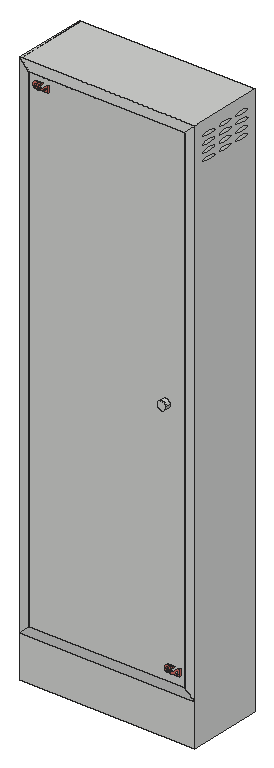
Revit family "120909-00123 Шкаф ШРП-В1800, без плинтов ССД", category Обобщенные модели, Revit 2019
Family settings
  Может служить основой для арматурных стержней = Нет
  Размер круглого соединителя = Использовать диаметр
  Тип детали = Нормальный
  На основе рабочей плоскости = Нет
  Всегда вертикально = Да
  При загрузке вырезать с полостями = Нет
  Общий = Нет
  Точка расчета площади = Нет
Parameters (values of type "ШРП-В/1800 (пустой)")
  Толщина 5 = 5 mm  # constant formula
  Толщина 4 = 4 mm  # constant formula
  Толщина 25 = 25 mm  # constant formula
  Толщина -4 = -4 mm  # constant formula
  Смещение от уровня [instance] = 300 mm
  Описание = "Шкаф ШРП-В/1800, без плинтов ССД"
  Ноль = 0 mm  # constant formula
  Материал букв = Металл красный
  Материал Каркаса = RAL 7035
  ADSK_Этаж [instance] = ""
  ADSK_Размер_Ширина = 700 mm
  ADSK_Размер_Глубина = 300 mm
  ADSK_Размер_Высота = 2240 mm
  ADSK_Примечание [instance] = ""
  ADSK_Предел огнестойкости = ""
  ADSK_Позиция [instance] = ""
  ADSK_Обозначение = ""
  ADSK_Наименование краткое = "Шкаф ШРП-В/1800, без плинтов ССД"
  ADSK_Наименование = "ШРП-В/1800 (пустой)"
  ADSK_Масса_Текст = "98"
  ADSK_Марка [instance] = ""
  ADSK_Количество [instance] = 1  # constant formula
  ADSK_Код изделия = "120909-00123"
  ADSK_Зона = ""
  ADSK_Завод-изготовитель = "АО СВЯЗЬСТРОЙДЕТАЛЬ"  # constant formula
  ADSK_Единица измерения = "шт"  # constant formula
  ADSK_URL страницы изделия = "https://www.ssd.ru/shkaf-shrp-v-1800-bez-plintov"
  ADSK_URL документации изделия = "shr_decl_2017.pdf (ssd.ru)"
Reference planes
  plane 1 "тттт": y = 0
  plane 2: z = 0
  plane 3 "УУУУ": x = 0
  plane 4 "Т1": y = 150
  plane 5 "Т2": y = -150
  plane 6 "П2": x = -350
  plane 7 "П1": x = 350
  plane 8 "Е1": z = 300
  plane 9 "Е2": z = 2540
  plane 10: z = 468
  plane 11: z = 505
  plane 12: z = 2503
  plane 13: x = -313
  plane 14: x = 313
  plane 15: x = 238
  plane 16: z = 1504
  plane 17: z = 2482
  plane 18: z = 2452
  plane 19: z = 2422
  plane 20: z = 2392
  plane 21: y = -83
  plane 22: y = 83
  plane 23: x = -290
  plane 24: x = 298
  plane 25: z = 543
Forms (mm)
  Extrusion 1, void, not visible, detail levels fine
    sketch origin (-20, 0, 0) x (1, 0, 0) y (0, 0, 1)
      loop
        arc (-281.999, 290) -> (-261.999, 270) -> (-241.999, 290) r 20
        line (-241.999, 290) -> (-241.999, 370)
        arc (-241.999, 370) -> (-261.999, 390) -> (-281.999, 370) r 20
        line (-281.999, 370) -> (-281.999, 290)
    from 90 to 190
  Extrusion 2, void, not visible
    sketch origin (-20, 0, 225) x (1, 0, 0) y (0, 0, 1)
      loop
        circle (-261.999, 215) r 6.5
    from 90 to 190
  Extrusion 3, void, not visible, detail levels fine
    sketch origin (20, 0, 0) x (-1, 0, 0) y (0, 0, -1)
      loop
        line (-281.999, -290) -> (-281.999, -370)
        arc (-281.999, -370) -> (-261.999, -390) -> (-241.999, -370) r 20
        line (-241.999, -370) -> (-241.999, -290)
        arc (-241.999, -290) -> (-261.999, -270) -> (-281.999, -290) r 20
    from 90 to 190
  Extrusion 4, void, not visible
    sketch origin (20, 0, 225) x (-1, 0, 0) y (0, 0, -1)
      loop
        circle (-261.999, -215) r 6.5
    from 90 to 190
  Extrusion 5, void, not visible
    sketch origin (0, 0, 220) x (0, 1, 0) y (0, 0, 1)
      loop
        circle (-102, 220) r 3.036
      loop
        circle (-172.959, 220) r 3.036
      loop
        circle (-122, 237) r 3.036
      loop
        circle (-157.959, 237) r 3.036
      loop
        circle (-121.964, 203) r 3.036
      loop
        circle (-158.036, 203) r 3.036
      loop
        arc (-162.48, 75) -> (-137.48, 50) -> (-112.48, 75) r 25
        line (-112.48, 75) -> (-112.48, 145)
        arc (-112.48, 145) -> (-137.48, 170) -> (-162.48, 145) r 25
        line (-162.48, 145) -> (-162.48, 75)
    from -312 to 312
  Extrusion 6, solid, material "RAL 7035" <- "Материал Каркаса", detail levels medium+fine
    sketch origin (0, 150, 0) x (1, 0, 0) y (0, 0, 1)
      loop
        line (-350, 2540) -> (-350, 300) -> (350, 300) -> (350, 2540) -> (-350, 2540)
    from 0 to 4 <- "Толщина 4"
  Extrusion 7, solid, material "RAL 7035" <- "Материал Каркаса", detail levels medium+fine
    sketch origin (0, -150, 0) x (1, 0, 0) y (0, 0, 1)
      loop
        line (-350, 2540) -> (-350, 300) -> (350, 300) -> (350, 2540) -> (-350, 2540)
      loop
        line (-313, 2503) -> (-313, 505) -> (313, 505) -> (313, 2503) -> (-313, 2503)
    from -4 <- "Толщина -4" to 0
  Extrusion 8, solid, material "RAL 7035" <- "Материал Каркаса", detail levels medium+fine
    sketch origin (-350, 0, 0) x (0, 1, 0) y (0, 0, 1)
      loop
        line (-150, 2540) -> (-150, 300) -> (150, 300) -> (150, 2540) -> (-150, 2540)
    from 0 to 4 <- "Толщина 4"
  Extrusion 9, solid, material "RAL 7035" <- "Материал Каркаса", detail levels medium+fine
    sketch origin (350, 0, 0) x (0, 1, 0) y (0, 0, 1)
      loop
        line (-150, 2540) -> (-150, 300) -> (150, 300) -> (150, 2540) -> (-150, 2540)
    from -4 <- "Толщина -4" to 0
  Extrusion 10, solid, material "RAL 7035" <- "Материал Каркаса", detail levels medium+fine
    sketch origin (0, 0, 300) x (0, -1, 0) y (1, 0, 0)
      loop
        line (-150, -350) -> (150, -350) -> (150, 350) -> (-150, 350) -> (-150, -350)
    from 0 to 4 <- "Толщина 4"
  Extrusion 11, solid, material "RAL 7035" <- "Материал Каркаса", detail levels medium+fine
    sketch origin (0, 0, 2540) x (0, -1, 0) y (1, 0, 0)
      loop
        line (-150, -350) -> (150, -350) -> (150, 350) -> (-150, 350) -> (-150, -350)
    from 0 to -4 <- "Толщина -4"
  Extrusion 12, solid, material "RAL 7035" <- "Материал Каркаса", detail levels medium+fine
    sketch origin (0, -150, 0) x (1, 0, 0) y (0, 0, 1)
      loop
        line (-313, 2503) -> (-313, 505) -> (313, 505) -> (313, 2503) -> (-313, 2503)
    from 0 to 5 <- "Толщина 5"
  Extrusion 13, solid, material "RAL 7035" <- "Материал Каркаса", detail levels medium+fine
    sketch origin (0, -150, 0) x (1, 0, 0) y (0, 0, 1)
      loop
        circle (238, 1504) r 17
    from 0 to 25 <- "Толщина 25"
  Sweep 14, solid, material "RAL 7035" <- "Материал Каркаса", detail levels medium+fine
    path origin (0, -150, 0) x (1, 0, 0) y (0, 0, 1)
      loop
        line (313, 2503) -> (-313, 2503) -> (-313, 505) -> (313, 505) -> (313, 2503)
    profile origin (0, -150, 2503) x (0, 0, -1) y (0, -1, 0)
      loop
        line (-37, 0) -> (0, 0) -> (0, 5) -> (-37, 0)
  Extrusion 15, solid, material "RAL 7035" <- "Материал Каркаса", detail levels coarse
    sketch origin (0, 0, 0) x (1, 0, 0) y (0, 1, 0)
      loop
        line (-350, 150) -> (-350, -150) -> (350, -150) -> (350, 150) -> (-350, 150)
    from 300 to 2540
Cuts and joins
  joined: Extrusion 6, Extrusion 7, Extrusion 8, Extrusion 9, Extrusion 10, Extrusion 11, Sweep 14
  joined: Extrusion 12, Extrusion 13
Dimensions and locks
  equal spacing: plane 5 "Т2", plane 1 "тттт", plane 4 "Т1"
  equal spacing: plane 6 "П2", plane 3 "УУУУ", plane 7 "П1"
  "ADSK_Размер_Ширина": plane 6 "П2" to plane 7 "П1"
  "ADSK_Размер_Глубина": plane 5 "Т2" to plane 4 "Т1"
  "Смещение от уровня": plane 8 "Е1" to plane 2
  "ADSK_Размер_Высота": plane 9 "Е2" to plane 8 "Е1"
  locked: plane 10 to plane 8 "Е1" at 168
  locked: plane 9 "Е2" to plane 12 at 37
  locked: plane 11 to plane 10 at 37
  locked: plane 13 to plane 6 "П2" at 37
  locked: plane 7 "П1" to plane 14 at 37
  locked: plane 14 to plane 15 at 75
  equal spacing: plane 12, plane 16, plane 11
  locked: plane 9 "Е2" to plane 17 at 58
  locked: plane 17 to plane 18 at 30
  locked: plane 18 to plane 19 at 30
  locked: plane 19 to plane 20 at 30
  locked: plane 5 "Т2" to plane 21 at 67
  locked: plane 22 to plane 4 "Т1" at 67
  locked: plane 25 to plane 10 at 75
  locked: plane 24 to plane 14 at 15
  locked: plane 23 to plane 6 "П2" at 60
  aligned and locked: level to plane 2
  aligned and locked: plane 9 "Е2" to Extrusion 6 sketch curve
  aligned and locked: plane 6 "П2" to Extrusion 6 sketch curve
  aligned and locked: Extrusion 6 sketch curve to plane 8 "Е1"
  aligned and locked: Extrusion 6 sketch curve to plane 7 "П1"
  aligned and locked: Extrusion 6 to plane 4 "Т1"
  aligned and locked: plane 6 "П2" to Extrusion 7 sketch curve
  aligned and locked: Extrusion 7 sketch curve to plane 8 "Е1"
  aligned and locked: Extrusion 7 sketch curve to plane 7 "П1"
  aligned and locked: plane 9 "Е2" to Extrusion 7 sketch curve
  aligned and locked: plane 13 to Extrusion 7 sketch curve
  aligned and locked: Extrusion 7 sketch curve to plane 14
  aligned and locked: plane 12 to Extrusion 7 sketch curve
  aligned and locked: Extrusion 7 sketch curve to plane 11
  aligned and locked: plane 5 "Т2" to Extrusion 7
  aligned and locked: Extrusion 8 sketch curve to Extrusion 7  (x2)
  aligned and locked: Extrusion 8 sketch curve to Extrusion 6  (x2)
  aligned and locked: Extrusion 8 to plane 6 "П2"
  aligned and locked: Extrusion 9 sketch curve to Extrusion 7  (x2)
  aligned and locked: Extrusion 9 sketch curve to Extrusion 6  (x2)
  aligned and locked: plane 7 "П1" to Extrusion 9
  aligned and locked: Extrusion 10 sketch curve to cut or joined group of Extrusion 6, Extrusion 7, Extrusion 8, Extrusion 9, Extrusion 10, Extrusion 11, Sweep 14  (x4)
  aligned and locked: plane 8 "Е1" to Extrusion 10
  aligned and locked: Extrusion 11 sketch curve to cut or joined group of Extrusion 6, Extrusion 7, Extrusion 8, Extrusion 9, Extrusion 10, Extrusion 11, Sweep 14  (x4)
  aligned and locked: plane 9 "Е2" to Extrusion 11
  aligned and locked: Extrusion 12 sketch curve to cut or joined group of Extrusion 6, Extrusion 7, Extrusion 8, Extrusion 9, Extrusion 10, Extrusion 11, Sweep 14  (x4)
  aligned and locked: plane 16 to Extrusion 13 sketch curve
  aligned and locked: plane 15 to Extrusion 13 sketch curve
  aligned and locked: plane 5 "Т2" to Extrusion 12
  aligned and locked: Extrusion 13 to plane 5 "Т2"
  aligned and locked: Sweep 14 sketch curve to Extrusion 12  (x4)
  aligned and locked: profile plane to Sweep 14 sketch curve  (x2)
  aligned and locked: plane 21 to nested 1
  aligned and locked: nested 2 to plane 1 "тттт"
  aligned and locked: plane 22 to nested 3
  aligned and locked: plane 7 "П1" to nested 3
  aligned and locked: plane 7 "П1" to nested 2
  aligned and locked: plane 7 "П1" to nested 1
  aligned and locked: nested 1 to plane 17
  aligned and locked: nested 2 to plane 17
  aligned and locked: nested 3 to plane 17
  aligned and locked: nested 4 to plane 18
  aligned and locked: nested 5 to plane 18
  aligned and locked: nested 6 to plane 18
  aligned and locked: nested 7 to plane 19
  aligned and locked: nested 8 to plane 19
  aligned and locked: nested 9 to plane 19
  aligned and locked: nested 10 to plane 20
  aligned and locked: nested 11 to plane 20
  aligned and locked: nested 12 to plane 20
  aligned and locked: plane 22 to nested 6
  aligned and locked: cut or joined group of Extrusion 6, Extrusion 7, Extrusion 8, Extrusion 9, Extrusion 10, Extrusion 11, Sweep 14 to nested 6
  aligned and locked: nested 5 to plane 1 "тттт"
  aligned and locked: cut or joined group of Extrusion 6, Extrusion 7, Extrusion 8, Extrusion 9, Extrusion 10, Extrusion 11, Sweep 14 to nested 5
  aligned and locked: plane 21 to nested 4
  aligned and locked: cut or joined group of Extrusion 6, Extrusion 7, Extrusion 8, Extrusion 9, Extrusion 10, Extrusion 11, Sweep 14 to nested 4
  aligned and locked: plane 7 "П1" to nested 9
  aligned and locked: plane 22 to nested 9
  aligned and locked: nested 8 to plane 1 "тттт"
  aligned and locked: plane 7 "П1" to nested 8
  aligned and locked: plane 21 to nested 7
  aligned and locked: plane 7 "П1" to nested 7
  aligned and locked: plane 7 "П1" to nested 12  (x2)
  aligned and locked: plane 22 to nested 12
  aligned and locked: plane 7 "П1" to nested 11  (x2)
  aligned and locked: nested 11 to plane 1 "тттт"
  aligned and locked: plane 7 "П1" to nested 10
  aligned and locked: plane 21 to nested 10
  aligned and locked: plane 20 to nested 24
  aligned and locked: plane 20 to nested 19
  aligned and locked: plane 20 to nested 18
  aligned and locked: plane 19 to nested 23
  aligned and locked: nested 23 to plane 19
  aligned and locked: plane 19 to nested 20
  aligned and locked: plane 19 to nested 17
  aligned and locked: plane 18 to nested 22
  aligned and locked: plane 18 to nested 21
  aligned and locked: plane 18 to nested 16
  aligned and locked: plane 17 to nested 14
  aligned and locked: plane 17 to nested 13
  aligned and locked: plane 17 to nested 15
  aligned and locked: plane 7 "П1" to cut or joined group of Extrusion 6, Extrusion 7, Extrusion 8, Extrusion 9, Extrusion 10, Extrusion 11, Sweep 14
  aligned and locked: nested 10 to plane 21
  aligned and locked: plane 1 "тттт" to nested 11
  aligned and locked: nested 12 to plane 22
  aligned and locked: nested 23 to plane 21
  aligned and locked: plane 21 to nested 23
  aligned and locked: plane 1 "тттт" to nested 20
  aligned and locked: nested 17 to plane 22
  aligned and locked: plane 6 "П2" to nested 23
  aligned and locked: plane 6 "П2" to nested 20
  aligned and locked: plane 6 "П2" to nested 17
  aligned and locked: nested 22 to cut or joined group of Extrusion 6, Extrusion 7, Extrusion 8, Extrusion 9, Extrusion 10, Extrusion 11, Sweep 14
  aligned and locked: nested 22 to plane 21
  aligned and locked: nested 21 to cut or joined group of Extrusion 6, Extrusion 7, Extrusion 8, Extrusion 9, Extrusion 10, Extrusion 11, Sweep 14
  aligned and locked: plane 1 "тттт" to nested 21
  aligned and locked: nested 16 to cut or joined group of Extrusion 6, Extrusion 7, Extrusion 8, Extrusion 9, Extrusion 10, Extrusion 11, Sweep 14
  aligned and locked: nested 16 to plane 22
  aligned and locked: nested 15 to plane 22
  aligned and locked: plane 1 "тттт" to nested 13
  aligned and locked: nested 14 to plane 21
  aligned and locked: nested 14 to cut or joined group of Extrusion 6, Extrusion 7, Extrusion 8, Extrusion 9, Extrusion 10, Extrusion 11, Sweep 14
  aligned and locked: nested 13 to cut or joined group of Extrusion 6, Extrusion 7, Extrusion 8, Extrusion 9, Extrusion 10, Extrusion 11, Sweep 14
  aligned and locked: nested 15 to cut or joined group of Extrusion 6, Extrusion 7, Extrusion 8, Extrusion 9, Extrusion 10, Extrusion 11, Sweep 14
  aligned and locked: cut or joined group of Extrusion 12, Extrusion 13 to nested 25
  aligned and locked: cut or joined group of Extrusion 12, Extrusion 13 to nested 26
  aligned and locked: plane 25 to nested 25
  aligned and locked: plane 24 to nested 25
  aligned and locked: nested 26 to plane 17
  aligned and locked: plane 23 to nested 26
  aligned and locked: plane 6 "П2" to nested 24
  aligned and locked: plane 6 "П2" to nested 19
  aligned and locked: plane 6 "П2" to nested 18
  aligned and locked: plane 1 "тттт" to nested 19
  aligned and locked: nested 18 to plane 22
  aligned and locked: nested 24 to plane 21
  aligned and locked: Extrusion 15 sketch curve to cut or joined group of Extrusion 6, Extrusion 7, Extrusion 8, Extrusion 9, Extrusion 10, Extrusion 11, Sweep 14  (x4)
  aligned and locked: Extrusion 15 to plane 9 "Е2"
  aligned and locked: plane 8 "Е1" to Extrusion 15
  aligned and locked: nested 27 to plane 9 "Е2"
  aligned and locked: plane 8 "Е1" to nested 27
  aligned and locked: plane 6 "П2" to nested 27
  aligned and locked: plane 7 "П1" to nested 27
Automatic sketch dimensions
  profile plane to Sweep 14 sketch curve = 37 mm
  plane 5 "Т2" to Sweep 14 sketch curve = 5 mm
  radius of Extrusion 13 sketch curve = 17 mm
Nested families
  nested 1: "Впадина" at (350, -83, 2482) x (0, 1, 0) z (0, 0, 1), Материал <- "Материал Каркаса", type "Впадина", detail levels fine
    with Материал RAL 7035
  nested 2: "Впадина" at (350, 0, 2482) x (0, 1, 0) z (0, 0, 1), Материал <- "Материал Каркаса", type "Впадина", detail levels fine
    with Материал RAL 7035
  nested 3: "Впадина" at (350, 83, 2482) x (0, 1, 0) z (0, 0, 1), Материал <- "Материал Каркаса", type "Впадина", detail levels fine
    with Материал RAL 7035
  nested 4: "Впадина" at (350, -83, 2452) x (0, 1, 0) z (0, 0, 1), Материал <- "Материал Каркаса", type "Впадина", detail levels fine
    with Материал RAL 7035
  nested 5: "Впадина" at (350, 0, 2452) x (0, 1, 0) z (0, 0, 1), Материал <- "Материал Каркаса", type "Впадина", detail levels fine
    with Материал RAL 7035
  nested 6: "Впадина" at (350, 83, 2452) x (0, 1, 0) z (0, 0, 1), Материал <- "Материал Каркаса", type "Впадина", detail levels fine
    with Материал RAL 7035
  nested 7: "Впадина" at (350, -83, 2422) x (0, 1, 0) z (0, 0, 1), Материал <- "Материал Каркаса", type "Впадина", detail levels fine
    with Материал RAL 7035
  nested 8: "Впадина" at (350, 0, 2422) x (0, 1, 0) z (0, 0, 1), Материал <- "Материал Каркаса", type "Впадина", detail levels fine
    with Материал RAL 7035
  nested 9: "Впадина" at (350, 83, 2422) x (0, 1, 0) z (0, 0, 1), Материал <- "Материал Каркаса", type "Впадина", detail levels fine
    with Материал RAL 7035
  nested 10: "Впадина" at (350, -83, 2392) x (0, 1, 0) z (0, 0, 1), Материал <- "Материал Каркаса", type "Впадина", detail levels fine
    with Материал RAL 7035
  nested 11: "Впадина" at (350, 0, 2392) x (0, 1, 0) z (0, 0, 1), Материал <- "Материал Каркаса", type "Впадина", detail levels fine
    with Материал RAL 7035
  nested 12: "Впадина" at (350, 83, 2392) x (0, 1, 0) z (0, 0, 1), Материал <- "Материал Каркаса", type "Впадина", detail levels fine
    with Материал RAL 7035
  nested 13: "Впадина" at (-350, 0, 2482) x (0, 1, 0) z (0, 0, 1), Материал <- "Материал Каркаса", type "Впадина", detail levels fine
    with Материал RAL 7035
  nested 14: "Впадина" at (-350, -83, 2482) x (0, 1, 0) z (0, 0, 1), Материал <- "Материал Каркаса", type "Впадина", detail levels fine
    with Материал RAL 7035
  nested 15: "Впадина" at (-350, 83, 2482) x (0, 1, 0) z (0, 0, 1), Материал <- "Материал Каркаса", type "Впадина", detail levels fine
    with Материал RAL 7035
  nested 16: "Впадина" at (-350, 83, 2452) x (0, 1, 0) z (0, 0, 1), Материал <- "Материал Каркаса", type "Впадина", detail levels fine
    with Материал RAL 7035
  nested 17: "Впадина" at (-350, 83, 2422) x (0, 1, 0) z (0, 0, 1), Материал <- "Материал Каркаса", type "Впадина", detail levels fine
    with Материал RAL 7035
  nested 18: "Впадина" at (-350, 83, 2392) x (0, 1, 0) z (0, 0, 1), Материал <- "Материал Каркаса", type "Впадина", detail levels fine
    with Материал RAL 7035
  nested 19: "Впадина" at (-350, 0, 2392) x (0, 1, 0) z (0, 0, 1), Материал <- "Материал Каркаса", type "Впадина", detail levels fine
    with Материал RAL 7035
  nested 20: "Впадина" at (-350, 0, 2422) x (0, 1, 0) z (0, 0, 1), Материал <- "Материал Каркаса", type "Впадина", detail levels fine
    with Материал RAL 7035
  nested 21: "Впадина" at (-350, 0, 2452) x (0, 1, 0) z (0, 0, 1), Материал <- "Материал Каркаса", type "Впадина", detail levels fine
    with Материал RAL 7035
  nested 22: "Впадина" at (-350, -83, 2452) x (0, 1, 0) z (0, 0, 1), Материал <- "Материал Каркаса", type "Впадина", detail levels fine
    with Материал RAL 7035
  nested 23: "Впадина" at (-350, -83, 2422) x (0, 1, 0) z (0, 0, 1), Материал <- "Материал Каркаса", type "Впадина", detail levels fine
    with Материал RAL 7035
  nested 24: "Впадина" at (-350, -83, 2392) x (0, 1, 0) z (0, 0, 1), Материал <- "Материал Каркаса", type "Впадина", detail levels fine
    with Материал RAL 7035
  nested 25: "ССД" at (268.016, -155, 543), Материал <- "Материал букв", type "ССД", detail levels fine
    with Материал Металл красный
  nested 26: "ССД" at (-260.016, -155, 2456), Материал <- "Материал букв", type "ССД", detail levels fine
    with Материал Металл красный
  nested 27: "ЭУ_Шкаф ст фасад" at (0, 0, 300) x (1, 0, 0) z (0, -1, 0), ADSK_Размер_Высота <- "ADSK_Размер_Высота", ADSK_Размер_Ширина <- "ADSK_Размер_Ширина", type "ЭУ_Шкаф ст фасад", detail levels coarse
    with ADSK_Размер_Ширина 700 mm, ADSK_Размер_Высота 2240 mm
Definition of nested family "Впадина"
  Parameters (values of type "Впадина")
    Материал [instance] = none
    ADSK_Размер_Ширина = 64 mm
  Reference planes
    plane 1 "По центру (Вперед/Назад)": y = 0
    plane 2: z = 0
    plane 3 "По центру (Влево/Вправо)": x = 0
    plane 4: y = -5
    plane 5: x = -32
    plane 6: x = 32
  Forms (mm)
    Sweep 1, solid, material <- "Материал"
      path origin (0, 0, 0) x (1, 0, 0) y (0, 1, 0)
        loop
          arc (-32, 0) -> (0, -5) -> (32, 0) r 104.9
      profile origin (0, -5, 0) x (0, 1, 0) y (0, 0, 1)
        loop
          line (0, 0) -> (1.008, 0)
          arc (1.008, 0) -> (2.037, 5.808) -> (5, 10.909) r 16.9
          line (5, 10.909) -> (5, 12)
          arc (5, 12) -> (1.3, 6.5) -> (0, 0) r 16.9
  Lines and regions (mm)
    symbolic lines
      curve 1: line (-32, 0, 0) -> (32, 0, 0)
      curve 2: line (0, 0, 0) -> (0, -5, 0)
      curve 3: line (-32, 0, 0) -> (32, 0, 0)
  Dimensions and locks
    equal spacing: plane 5, plane 3 "По центру (Влево/Вправо)", plane 6
    "ADSK_Размер_Ширина": plane 5 to plane 6
    plane 4 to plane 1 "По центру (Вперед/Назад)" = 5 mm
    aligned and locked: level to plane 2
    aligned and locked: plane 5 to Sweep 1 sketch curve
    aligned and locked: plane 1 "По центру (Вперед/Назад)" to Sweep 1 sketch curve  (x3)
    aligned and locked: plane 6 to Sweep 1 sketch curve
    aligned and locked: plane 1 "По центру (Вперед/Назад)" to curve 1
    aligned and locked: curve 2 to plane 3 "По центру (Влево/Вправо)"
    aligned and locked: curve 3 to plane 2
  Automatic sketch dimensions
    Sweep 1 sketch curve to plane 1 "По центру (Вперед/Назад)" = 99.9 mm
    Sweep 1 sketch curve to profile plane = 0 mm
    Sweep 1 sketch curve to level = 0 mm
    Sweep 1 sketch curve to Sweep 1 sketch curve = 11.9 mm
    Sweep 1 sketch curve to Sweep 1 sketch curve = 1.008 mm
    Sweep 1 sketch curve to Sweep 1 sketch curve = 1.091 mm
    curve 1 to plane 5 = 0 mm
    curve 1 to plane 6 = 0 mm
    curve 2 to plane 4 = 0 mm
    curve 3 to plane 5 = 0 mm
    curve 3 to plane 6 = 0 mm
Definition of nested family "ССД"
  Parameters (values of type "ССД")
    Материал [instance] = none
  Reference planes
    plane 1 "По центру (Вперед/Назад)": y = 0
    plane 2: z = 0
    plane 3 "По центру (Влево/Вправо)": x = 0
    plane 4: y = -5
    plane 5: z = 26
    plane 6: x = -29.984
    plane 7: x = 29.984
  Forms (mm)
    Extrusion 1, solid, material <- "Материал"
      sketch origin (-4.748, 0, -135.953) x (1, 0, 0) y (0, 0, 1)
        loop
          arc (-12.562, 161.735) -> (-25.455, 148.886) -> (-12.605, 135.993) r 12.871
          line (-12.605, 135.993) -> (-5.127, 135.993)
          arc (-5.127, 135.993) -> (-8.341, 138.928) -> (-10.997, 142.376) r 24.946
          line (-10.997, 142.376) -> (-12.584, 142.376)
          arc (-12.584, 142.376) -> (-19.072, 148.864) -> (-12.584, 155.352) r 6.488
          line (-12.584, 155.352) -> (-10.972, 155.352)
          arc (-10.972, 155.352) -> (-8.292, 158.804) -> (-5.051, 161.735) r 24.946
          line (-5.051, 161.735) -> (-12.562, 161.735)
        loop
          arc (3.387, 161.709) -> (-9.505, 148.859) -> (3.344, 135.967) r 12.871
          line (3.344, 135.967) -> (34.291, 135.915) -> (34.334, 161.666) -> (28.9, 161.666) -> (8.095, 144.25) -> (16.764, 144.25) -> (28.888, 154.399) -> (28.868, 142.307) -> (3.34, 142.35)
          arc (3.34, 142.35) -> (-3.122, 148.856) -> (3.377, 155.326) r 6.488
          line (3.377, 155.326) -> (4.978, 155.326)
          arc (4.978, 155.326) -> (7.657, 158.777) -> (10.898, 161.709) r 24.946
          line (10.898, 161.709) -> (3.387, 161.709)
      from 0 to 5
  Lines and regions (mm)
    symbolic lines
      curve 1: line (-29.984, 0, 0) -> (29.984, 0, 0)
      curve 2: line (-29.984, 0, 26) -> (29.984, 0, 26)
      curve 3: line (-29.984, 0, 0) -> (-29.984, 0, 26)
      curve 4: line (29.984, 0, 0) -> (-29.984, 0, 0)
      curve 5: line (29.984, 0, 26) -> (29.984, 0, 0)
  Dimensions and locks
    locked: plane 1 "По центру (Вперед/Назад)" to plane 4 at 5
    locked: plane 5 to plane 2 at 26
    equal spacing: plane 7, plane 3 "По центру (Влево/Вправо)", plane 6
    locked: plane 7 to plane 6 at 59.968
    aligned and locked: level to plane 2
    aligned and locked: plane 1 "По центру (Вперед/Назад)" to curve 1
    aligned and locked: Extrusion 1 to plane 4
    aligned and locked: Extrusion 1 to plane 1 "По центру (Вперед/Назад)"
    aligned and locked: curve 2 to plane 5
    aligned and locked: plane 6 to curve 3
    aligned and locked: plane 2 to curve 4
    aligned and locked: curve 5 to plane 7
  Automatic sketch dimensions
    curve 1 to plane 6 = 0 mm
    curve 1 to plane 7 = 0 mm
    Extrusion 1 sketch curve to Extrusion 1 sketch curve = 0 mm  (x6)
    Extrusion 1 sketch curve to plane 3 "По центру (Влево/Вправо)" = 17.331 mm
    Extrusion 1 sketch curve to Extrusion 1 sketch curve = 0.022 mm
    Extrusion 1 sketch curve to Extrusion 1 sketch curve = 1.587 mm
    Extrusion 1 sketch curve to Extrusion 1 sketch curve = 1.612 mm
    Extrusion 1 sketch curve to plane 3 "По центру (Влево/Вправо)" = 9.875 mm
    Extrusion 1 sketch curve to plane 3 "По центру (Влево/Вправо)" = 1.407 mm
    Extrusion 1 sketch curve to plane 3 "По центру (Влево/Вправо)" = 1.382 mm
    Extrusion 1 sketch curve to plane 3 "По центру (Влево/Вправо)" = 1.371 mm
    Extrusion 1 sketch curve to plane 3 "По центру (Влево/Вправо)" = 1.36 mm
    Extrusion 1 sketch curve to Extrusion 1 sketch curve = 1.601 mm
    Extrusion 1 sketch curve to Extrusion 1 sketch curve = 4.755 mm
    Extrusion 1 sketch curve to Extrusion 1 sketch curve = 1.902 mm
    Extrusion 1 sketch curve to Extrusion 1 sketch curve = 5.043 mm
    Extrusion 1 sketch curve to Extrusion 1 sketch curve = 0.878 mm
    Extrusion 1 sketch curve to Extrusion 1 sketch curve = 6.767 mm
    Extrusion 1 sketch curve to plane 7 = 8.785 mm
    Extrusion 1 sketch curve to plane 7 = 5.864 mm
    Extrusion 1 sketch curve to plane 7 = 5.844 mm
    Extrusion 1 sketch curve to plane 7 = 5.831 mm
    Extrusion 1 sketch curve to plane 7 = 0.44 mm
    Extrusion 1 sketch curve to plane 7 = 0.397 mm
    Extrusion 1 sketch curve to plane 5 = 26.038 mm
    Extrusion 1 sketch curve to Extrusion 1 sketch curve = 0.079 mm
    Extrusion 1 sketch curve to Extrusion 1 sketch curve = 5.898 mm
    Extrusion 1 sketch curve to Extrusion 1 sketch curve = 0.027 mm
    Extrusion 1 sketch curve to Extrusion 1 sketch curve = 0.494 mm
    Extrusion 1 sketch curve to Extrusion 1 sketch curve = 0.51 mm
    Extrusion 1 sketch curve to Extrusion 1 sketch curve = 6.383 mm
    Extrusion 1 sketch curve to Extrusion 1 sketch curve = 2.411 mm
    Extrusion 1 sketch curve to Extrusion 1 sketch curve = 6.488 mm  (x2)
    Extrusion 1 sketch curve to Extrusion 1 sketch curve = 12.092 mm
    Extrusion 1 sketch curve to Extrusion 1 sketch curve = 7.267 mm
    Extrusion 1 sketch curve to plane 3 "По центру (Влево/Вправо)" = 9.798 mm
    Extrusion 1 sketch curve to plane 3 "По центру (Влево/Вправо)" = 1.404 mm
Definition of nested family "ЭУ_Шкаф ст фасад"
  Parameters
    ADSK_Размер_Ширина [instance] = 640 mm
    ADSK_Размер_Высота [instance] = 1180 mm
  Reference planes
    plane 1 "По центру (Вперед/Назад)": y = 0
    plane 2: z = 0
    plane 3 "По центру (Влево/Вправо)": x = 0
    plane 4: x = -320
    plane 5: x = 320
    plane 6: y = 1180
    plane 7: y = 1141
    plane 8 "По центру (В/С": y = 150
    plane 9: x = 200
    plane 10: y = 645.5
  Lines and regions (mm)
    detail lines, in view "Опорный уровень"
      curve 1: line (-320, 1180, 0) -> (320, 1180, 0)
      curve 2: line (-320, 0, 0) -> (-320, 1180, 0)
      curve 3: line (320, 0, 0) -> (-320, 0, 0)
      curve 4: line (320, 1180, 0) -> (320, 0, 0)
      curve 5: line (320, 150, 0) -> (-320, 150, 0)
      curve 6: circle (200, 645.5, 0) r 20 normal (0, 0, 1)
  Dimensions and locks
    equal spacing: plane 4, plane 3 "По центру (Влево/Вправо)", plane 5
    "ADSK_Размер_Ширина": plane 4 to plane 5
    "ADSK_Размер_Высота": plane 6 to plane 1 "По центру (Вперед/Назад)"
    locked: plane 6 to plane 7 at 39
    equal spacing: plane 7, plane 10, plane 8 "По центру (В/С"
    locked: plane 8 "По центру (В/С" to plane 1 "По центру (Вперед/Назад)" at 150
    aligned and locked: curve 1 to plane 6
    aligned and locked: plane 4 to curve 2
    aligned and locked: curve 3 to plane 1 "По центру (Вперед/Назад)"
    aligned and locked: curve 4 to plane 5
    aligned and locked: plane 8 "По центру (В/С" to curve 5
    aligned and locked: plane 10 to curve 6
    aligned and locked: plane 9 to curve 6
  Automatic sketch dimensions
    radius of curve 6 = 20 mm
